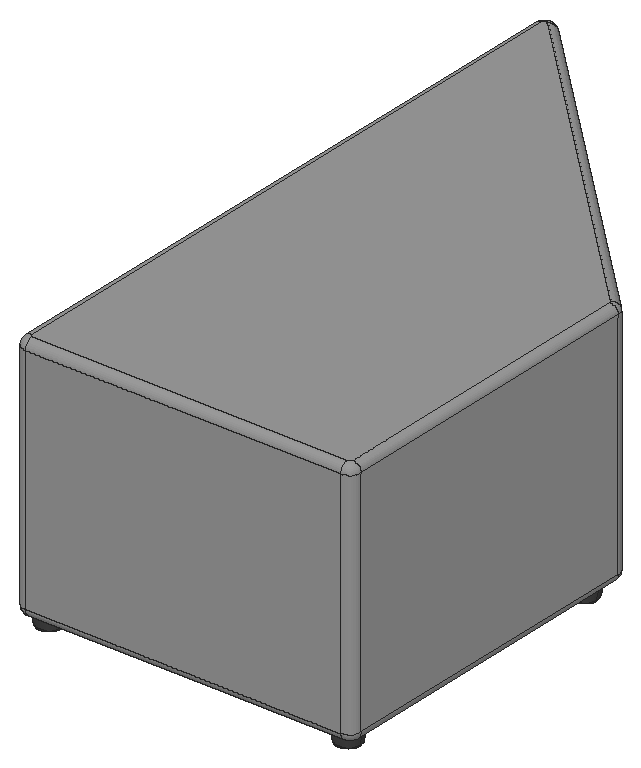
Revit family "BuroSeating_Konfurb Eightby4-B", category Furniture, Revit 2020
Family settings
  OmniClass Number = 23.40.70.14.64.11
  OmniClass Title = Office Furniture
  Work Plane-Based = No
  Always vertical = Yes
  Cut with Voids When Loaded = No
  Shared = No
  Room Calculation Point = No
Parameters (values of type "450mm")
  WarrantyDescription = "Full 5 year guarantee (excluding upholstery)"  # constant formula
  URL AU = "https://buroseating.com/"
  URL = "https://buroseating.co.nz/"
  SeatMaterial [instance] = BuroSeating_Fabric_Keylargo Ash
  ProductRange = "Konfurb"  # constant formula
  ProductPageURL NZ = "https://buroseating.co.nz/product/eightby4/"
  ProductPageURL AU = "https://buroseating.com/product/eightby4/"
  ProductGroup = "Eightby4"  # constant formula
  NominalWidth = 610 mm  # constant formula
  NominalLength = 1220 mm  # constant formula
  NominalHeight = 450 mm
  ModifiedIssue = 20230715.01  # constant formula
  Model = "KON390B"
  Manufacturer = "Buro Seating"  # constant formula
  FeetMaterial = BuroSeating_Plastic_Black
  FeetDiameter = 50 mm  # constant formula
  Description = "Trapezoid"  # constant formula
  CreatedByURL = "https://buroseating.co.nz/"
  CreatedBy = "Buro Seating"  # constant formula
  ContactEmail NZ = "seating@buroseating.com"
  ContactEmail AU = "seating@buroseating.com.au"
  BaseOffset = 18 mm  # constant formula
  FeetInset = 35 mm  # constant formula
  Default Elevation = 0 mm
  Assembly Code = "E2020"
Types (3, lengths in mm): name | SeatMaterial | NominalHeight | Model
  (no name) | BuroSeating_Fabric_Keylargo Ash | 450 | "KON390B"
  450mm | BuroSeating_Fabric_Keylargo Ash | 450 | "KON390B"
  720mm | BuroSeating_Fabric_Augustus Aegean | 720 | "KON390H-B"
Reference planes
  plane 1 "Front": y = 0
  plane 2: z = 0
  plane 3 "Left": x = 0
  plane 4 "Right": x = 610
  plane 5 "Center (Front/Back)": y = 610
  plane 6: z = 468
  plane 7: z = 18
  plane 8 "Top Inset": y = 1105
  plane 9 "Left Inset": x = 35
  plane 10 "Top": y = 1220
  plane 11 "Right Inset": x = 575
  plane 12 "Front Inset": y = 35
Forms (mm)
  Extrusion 1, solid, material "BuroSeating_Fabric_Keylargo Ash" <- "SeatMaterial"
    sketch origin (0, 0, 0) x (1, 0, 0) y (0, 1, 0)
      loop
        arc (0, 20) -> (5.858, 5.858) -> (20, 0) r 20
        line (20, 0) -> (590, 0)
        arc (590, 0) -> (604.142, 5.858) -> (610, 20) r 20
        line (610, 20) -> (610, 601.716)
        arc (610, 601.716) -> (608.478, 609.369) -> (604.142, 615.858) r 20
        line (604.142, 615.858) -> (34.142, 1185.858)
        arc (34.142, 1185.858) -> (12.346, 1190.193) -> (0, 1171.716) r 20
        line (0, 1171.716) -> (0, 20)
    from 18 to 468
  Sweep 2, void
    path in 3D
      loop
        arc (0, 20, 468) -> (5.858, 5.858, 468) -> (20, 0, 468) r 20
        line (20, 0, 468) -> (590, 0, 468)
        arc (590, 0, 468) -> (604.142, 5.858, 468) -> (610, 20, 468) r 20
        line (610, 20, 468) -> (610, 601.716, 468)
        arc (610, 601.716, 468) -> (608.478, 609.369, 468) -> (604.142, 615.858, 468) r 20
        line (604.142, 615.858, 468) -> (34.142, 1185.858, 468)
        arc (34.142, 1185.858, 468) -> (12.346, 1190.193, 468) -> (0, 1171.716, 468) r 20
        line (0, 1171.716, 468) -> (0, 20, 468)
    profile origin (0, 595.858, 468) x (1, 0, 0) y (0, 0, 1)
      loop
        line (15, 0) -> (15, 5) -> (-5, 5) -> (-5, -15) -> (0, -15)
        arc (0, -15) -> (4.393, -4.393) -> (15, 0) r 15
  Sweep 3, void
    path in 3D
      loop
        arc (610, 20, 18) -> (604.142, 5.858, 18) -> (590, 0, 18) r 20
        line (590, 0, 18) -> (20, 0, 18)
        arc (20, 0, 18) -> (5.858, 5.858, 18) -> (0, 20, 18) r 20
        line (0, 20, 18) -> (0, 1171.716, 18)
        arc (0, 1171.716, 18) -> (12.346, 1190.193, 18) -> (34.142, 1185.858, 18) r 20
        line (34.142, 1185.858, 18) -> (604.142, 615.858, 18)
        arc (604.142, 615.858, 18) -> (608.478, 609.369, 18) -> (610, 601.716, 18) r 20
        line (610, 601.716, 18) -> (610, 20, 18)
    profile origin (610, 310.858, 18) x (-1, 0, 0) y (0, 0, -1)
      loop
        line (15, 0) -> (15, 5) -> (-5, 5) -> (-5, -15) -> (0, -15)
        arc (0, -15) -> (4.393, -4.393) -> (15, 0) r 15
Cuts and joins
  Sweep 2, Sweep 3 cuts Extrusion 1
Lines and regions (mm)
  sketch lines
    curve 1: line (0, 1171.716, 468) -> (0, 20, 468)
    curve 2: arc (0, 1171.716, 468) -> (12.346, 1190.193, 468) -> (34.142, 1185.858, 468) r 20
    curve 3: line (604.142, 615.858, 468) -> (34.142, 1185.858, 468)
    curve 4: arc (604.142, 615.858, 468) -> (608.478, 609.369, 468) -> (610, 601.716, 468) r 20
    curve 5: line (610, 20, 468) -> (610, 601.716, 468)
    curve 6: arc (610, 20, 468) -> (604.142, 5.858, 468) -> (590, 0, 468) r 20
    curve 7: line (20, 0, 468) -> (590, 0, 468)
    curve 8: arc (20, 0, 468) -> (5.858, 5.858, 468) -> (0, 20, 468) r 20
    curve 9: line (610, 601.716, 18) -> (610, 20, 18)
    curve 10: arc (610, 601.716, 18) -> (608.478, 609.369, 18) -> (604.142, 615.858, 18) r 20
    curve 11: line (34.142, 1185.858, 18) -> (604.142, 615.858, 18)
    curve 12: arc (34.142, 1185.858, 18) -> (12.346, 1190.193, 18) -> (0, 1171.716, 18) r 20
    curve 13: line (0, 20, 18) -> (0, 1171.716, 18)
    curve 14: arc (0, 20, 18) -> (5.858, 5.858, 18) -> (20, 0, 18) r 20
    curve 15: line (590, 0, 18) -> (20, 0, 18)
    curve 16: arc (590, 0, 18) -> (604.142, 5.858, 18) -> (610, 20, 18) r 20
Dimensions and locks
  "NominalWidth": plane 1 "Front" to plane 5 "Center (Front/Back)"
  "NominalWidth": plane 3 "Left" to plane 4 "Right"
  "NominalHeight": plane 6 to plane 7
  "BaseOffset": plane 7 to plane 2
  "NominalLength": plane 1 "Front" to plane 10 "Top"
  "FeetInset": plane 3 "Left" to plane 9 "Left Inset"
  "FeetInset": plane 11 "Right Inset" to plane 4 "Right"
  "FeetInset": plane 12 "Front Inset" to plane 1 "Front"
  locked: plane 10 "Top" to plane 8 "Top Inset" at 115
  locked: nested 2 to plane 5 "Center (Front/Back)" at 40
  aligned and locked: plane 2 to level
  aligned and locked: plane 9 "Left Inset" to nested 1
  aligned and locked: nested 1 to plane 8 "Top Inset"
  aligned and locked: nested 3 to plane 9 "Left Inset"
  aligned and locked: Extrusion 1 to plane 6
  aligned and locked: plane 11 "Right Inset" to nested 2
  aligned and locked: nested 3 to plane 12 "Front Inset"
  aligned and locked: plane 12 "Front Inset" to nested 4
  aligned and locked: nested 4 to plane 11 "Right Inset"
  aligned and locked: Extrusion 1 to plane 7
  aligned and locked: plane 7 to nested 3
  aligned and locked: nested 1 to plane 7
  aligned and locked: nested 4 to plane 7
  aligned and locked: nested 2 to plane 7
Automatic sketch dimensions
  Extrusion 1 sketch curve to plane 3 "Left" = 0 mm
  plane 1 "Front" to Extrusion 1 sketch curve = 0 mm
  Extrusion 1 sketch curve to plane 4 "Right" = 0 mm
  plane 3 "Left" to Extrusion 1 sketch curve = 20 mm
  Extrusion 1 sketch curve to Extrusion 1 sketch curve = 14.142 mm  (x3)
  Extrusion 1 sketch curve to plane 4 "Right" = 5.858 mm
  plane 5 "Center (Front/Back)" to Extrusion 1 sketch curve = 8.284 mm
  plane 10 "Top" to Extrusion 1 sketch curve = 48.284 mm
  Extrusion 1 sketch curve to plane 1 "Front" = 20 mm
  Sweep 2 sketch curve to profile plane = 0 mm
  profile plane to Sweep 2 sketch curve = 5 mm  (x2)
  profile plane to Sweep 2 sketch curve = 0 mm
  Sweep 2 sketch curve to Sweep 2 sketch curve = 15 mm
  Sweep 3 sketch curve to Sweep 3 sketch curve = 5 mm
  Sweep 3 sketch curve to profile plane = 15 mm
  profile plane to Sweep 3 sketch curve = 5 mm
  Sweep 3 sketch curve to profile plane = 0 mm  (x2)
Nested families
  nested 1: "x_BuroSeating_Konfurb_Feet_01" at (35, 1105, 0.132), type "Type 1"
  nested 2: "x_BuroSeating_Konfurb_Feet_01" at (575, 570, 0.132) x (-1, 0, 0) z (0, 0, 1), type "Type 1"
  nested 3: "x_BuroSeating_Konfurb_Feet_01" at (35, 35, 0.132), type "Type 1"
  nested 4: "x_BuroSeating_Konfurb_Feet_01" at (575, 35, 0.132) x (-1, 0, 0) z (0, 0, 1), type "Type 1"
Definition of nested family "x_BuroSeating_Konfurb_Feet_01"
  Parameters (values of type "Type 1")
    calc_FeetRadiusTop = FeetDiameter / 2  # 25 mm
    calc_FeetRadiusBase = calc_FeetRadiusTop - 4 mm  # 21 mm
    FeetMaterial = none
    FeetHeight = 18 mm
    FeetDiameter = 50 mm
    Default Elevation = 0 mm
  Reference planes
    plane 1 "Center (Front/Back)": y = 0
    plane 2: z = 0
    plane 3 "Center (Left/Right)": x = 0
    plane 4 "Top": z = 17.868
  Forms (mm)
    Revolve 1, solid, material <- "FeetMaterial"
      sketch origin (0, 0, 17.868) x (1, 0, 0) y (0, 0, 1)
        loop
          line (0, 0) -> (0, -17.868) -> (21, -17.868)
          arc (21, -17.868) -> (21.888, -17.539) -> (22.346, -16.71) r 1.361
          line (22.346, -16.71) -> (25, 0) -> (0, 0)
        axis (0, 0) -> (0, -17.868)
      angle from 0 to 360
  Dimensions and locks
    "calc_FeetRadiusTop": Revolve 1 sketch curve to Revolve 1 sketch curve
    "calc_FeetRadiusBase": Revolve 1 sketch curve to Revolve 1 sketch curve
    plane 4 "Top" to level = 17.868 mm
    aligned and locked: plane 2 to level
  Automatic sketch dimensions
    Revolve 1 sketch curve to plane 3 "Center (Left/Right)" = 0 mm  (x2)
    Revolve 1 sketch curve to level = 0 mm
    Revolve 1 sketch curve to plane 4 "Top" = 0 mm
    level to Revolve 1 sketch curve = 1.158 mm
    Revolve 1 sketch curve to Revolve 1 sketch curve = 1.346 mm
    Revolve 1 sketch curve to level = 1.109 mm
    plane 4 "Top" to Revolve 1 sketch curve = 1.468 mm
